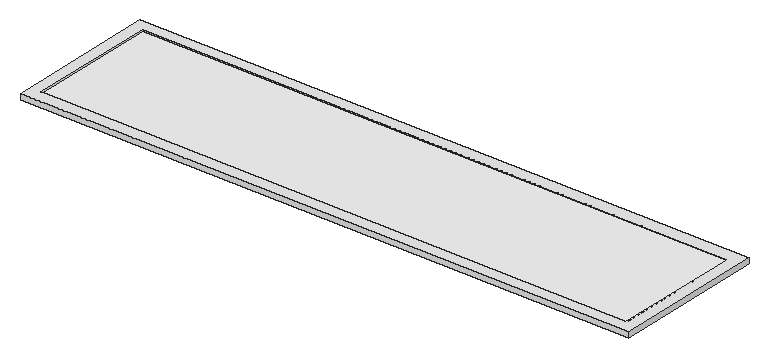
Revit family "0047439 Feilo Sylvania Lighting Fixtures START FLAT PANEL LED 1200 WW", category Lighting Fixtures, host Face, Revit 2017
Family settings
  Host = Face
  Round Connector Dimension = Use Diameter
  Part Type = Normal
  OmniClass Number = 23.80.70.00
  OmniClass Title = Lighting
  Cut with Voids When Loaded = No
  Light Source = Yes
  Shared = No
  Room Calculation Point = No
Parameters (values of type "0047439 START FLAT PANEL LED 1200 WW")
  Weight = "6.262 kg"
  Wattage Comments = "n/a"
  Wattage = 45 W
  WarrantyStartDate [instance] = "n/a"
  WarrantyGuarantorParts = "n/a"
  WarrantyDurationUnit = "n/a"
  WarrantyDurationParts = "n/a"
  WarrantyDescription = "n/a"
  built-in parameter 1150110 = 1 (stored number, unit not read)
  Voltage = 230 V
  URL = "http://www.sylvania-lighting.com"
  TypeName = "START FLAT PANEL LED 1200 WW"
  Type Image = <None>
  Type Comments = "n/a"
  built-in parameter 1114217 = 1 (stored number, unit not read)
  Tilt Angle = -90.00°
  built-in parameter 1150109 = 1 (stored number, unit not read)
  built-in parameter 1150134 = (empty or 0)
  built-in parameter 1150113 = 1 (stored number, unit not read)
  SerialNumber [instance] = "n/a"
  ReflectorMaterial = none
  PowerFactor = 0
  PowerConsumption = "45 W"
  Photometric Web File = "0047439.ies"
  NominalLength = 1195 mm
  NominalHeight = 10.5 mm
  NominalDepth = 295 mm
  Name = "START FLAT PANEL LED 1200 WW"
  ModelReference = Name  # "START FLAT PANEL LED 1200 WW"
  ModelNumber = "0047439"
  Model = Name  # "START FLAT PANEL LED 1200 WW"
  Material = "powder coated steel housing, acrylic pmma diffuser"
  ManufacturerName = "Feilo Sylvania"
  Manufacturer = "Feilo Sylvania"
  LuminousEfficacy = "80 lm/W"
  built-in parameter 1150105 = 286.48 (stored number, unit not read)
  Lumens = 3600 lm
  LuminaireType = ""
  built-in parameter 1150115 = 1 (stored number, unit not read)
  LightOutputRatio = "100"
  built-in parameter 1150137 = (empty or 0)
  built-in parameter 1150139 = (empty or 0)
  LampsType = Lamp  # "LED"
  LampNominalLuminous = "3600 lm"
  LampMacAdamStep = "n/a"
  LampColourTemperature = "3000 K"
  LampColourRenderingIndex = "0"
  built-in parameter 1150112 = 1 (stored number, unit not read)
  built-in parameter 1150114 = 1 (stored number, unit not read)
  Lamp = "LED"
  Keynote = "16500"
  InstallationDate [instance] = "n/a"
  InputVoltage = "220-240V~"
  InputNominalFrequency = "n/a"
  built-in parameter 1150132 = (empty or 0)
  built-in parameter 1150102 = (empty or 0)
  built-in parameter 1150107 = 3000 (stored number, unit not read)
  built-in parameter 1150138 = (empty or 0)
  IngressProtection = "IP20"
  ImpactProtectionIndex = "IK05"
  built-in parameter 1150106 = 2.8648 (stored number, unit not read)
  IfcExportType = "IfcLightFixtureType"
  IfcExportAs = "IfcLightFixtureType"
  ExpectedLife = 50000
  Emit from Rectangle Width = 251 mm
  Emit from Rectangle Length = 1152 mm
  Emit Shape Visible in Rendering = no
  ElectricShockClassification = "Class II"
  built-in parameter 1150104 = 7.4322 (stored number, unit not read)
  DurationUnit = "hours"
  DocumentationLiterature = "http://www.sylvania-lighting.com/product/en-int/products/0047439"
  DimmingControlOptions = "n/a"
  Dimming Lamp Color Temperature Shift = <None>
  DiffuserMaterial = Diffuser-Sylvania-StartFlat1200x300-PMMA
  Description = "Edge lit LED flat panel. 45W Warm White 3000K 1200x300mm, 3600 lumens 80lm/W, 40,000hrs lifetime (L70), 10.5mm height, PMMA diffuser, aluminium frame, steel body, electronic non-dimmable driver."
  Default Elevation = 1219.2 mm
  CreatedOn = "23/11/2017"
  CreatedBy = ""
  Cost = 0
  Color Filter = 16777215
  built-in parameter 1114216 [instance] = (empty or 0)
  ClassificationValue = "EF_70_80"
  ClassificationName = "Uniclass2015"
  BodyMaterial = Body-Sylvania-StartFlat1200x300-AluminiumFrame
  BarCode [instance] = "n/a"
  built-in parameter 1114218 = 1 (stored number, unit not read)
  built-in parameter 1150133 = 10 (stored number, unit not read)
  AssetType = "Fixed"
  AssetIdentifier [instance] = "n/a"
  Assembly Code = "D5020200"
  Apparent Load = 45 VA
  AccessoryMaterial = none
Reference planes
  plane 1 "Center (Front/Back)": y = 0
  plane 2: z = 0
  plane 3 "Center (Left/Right)": x = 0
  plane 4: y = 147.5
  plane 5: y = -147.5
  plane 6: x = 598
  plane 7: x = -598
  plane 8: z = 10.5
  plane 9: x = -576
  plane 10: y = 125.5
  plane 11: y = -125.5
  plane 12: x = 576
  plane 13: z = 8.5
Forms (mm)
  Extrusion 1, solid, material "Body-Sylvania-StartFlat1200x300-AluminiumFrame" <- "BodyMaterial"
    sketch origin (0, 0, 0) x (1, 0, 0) y (0, 1, 0)
      loop
        line (-598, 147.5) -> (-598, -147.5) -> (598, -147.5) -> (598, 147.5) -> (-598, 147.5)
      loop
        line (-576, -125.5) -> (576, -125.5) -> (576, 125.5) -> (-576, 125.5) -> (-576, -125.5)
    from 0 to 10.5
  Extrusion 2, solid, material "Diffuser-Sylvania-StartFlat1200x300-PMMA" <- "DiffuserMaterial"
    sketch origin (0, 0, 0) x (1, 0, 0) y (0, 1, 0)
      loop
        line (-576, 125.5) -> (-576, -125.5) -> (576, -125.5) -> (576, 125.5) -> (-576, 125.5)
    from 0 to 8.5
Dimensions and locks
  equal spacing: plane 5, plane 1 "Center (Front/Back)", plane 4
  locked: plane 5 to plane 4 at 295
  equal spacing: plane 7, plane 3 "Center (Left/Right)", plane 6
  locked: plane 7 to plane 6 at 1196
  locked: plane 8 to plane 2 at 10.5
  equal spacing: plane 11, plane 1 "Center (Front/Back)", plane 10
  equal spacing: plane 9, plane 3 "Center (Left/Right)", plane 12
  locked: plane 7 to plane 9 at 22
  locked: plane 10 to plane 4 at 22
  locked: plane 8 to plane 13 at 2
  aligned and locked: plane 2 to host face
  aligned and locked: level to host face
  aligned and locked: plane 4 to Extrusion 1 sketch curve
  aligned and locked: plane 7 to Extrusion 1 sketch curve
  aligned and locked: Extrusion 1 sketch curve to plane 5
  aligned and locked: Extrusion 1 sketch curve to plane 6
  aligned and locked: plane 11 to Extrusion 1 sketch curve
  aligned and locked: Extrusion 1 sketch curve to plane 9
  aligned and locked: Extrusion 1 sketch curve to plane 10
  aligned and locked: plane 12 to Extrusion 1 sketch curve
  aligned and locked: Extrusion 1 to plane 8
  aligned and locked: Extrusion 1 to level
  aligned and locked: Extrusion 2 sketch curve to Extrusion 1  (x4)
  aligned and locked: Extrusion 2 to level
  aligned and locked: Extrusion 2 to plane 13
  aligned and locked: plane 3 "Center (Left/Right)" to imposter light
  aligned and locked: imposter light to plane 13
  aligned and locked: imposter light to plane 1 "Center (Front/Back)"
Automatic sketch dimensions
  host sketch curve to host sketch curve = 2438.4 mm  (x2)
Connectors
  electrical at (0, 0, 0), driven by "Apparent Load", driven by "PowerFactor", driven by "Voltage"
    settings: index 1, voltage 230 V, apparent load 45 VA, apparent load phase1 0 VA, apparent load phase2 0 VA, apparent load phase3 0 VA, power factor 0, load classification "Lighting", number of poles 1, system type 30, power factor state 1, is connector primary yes, connector utility no, sub classification motor no, connector description ""
